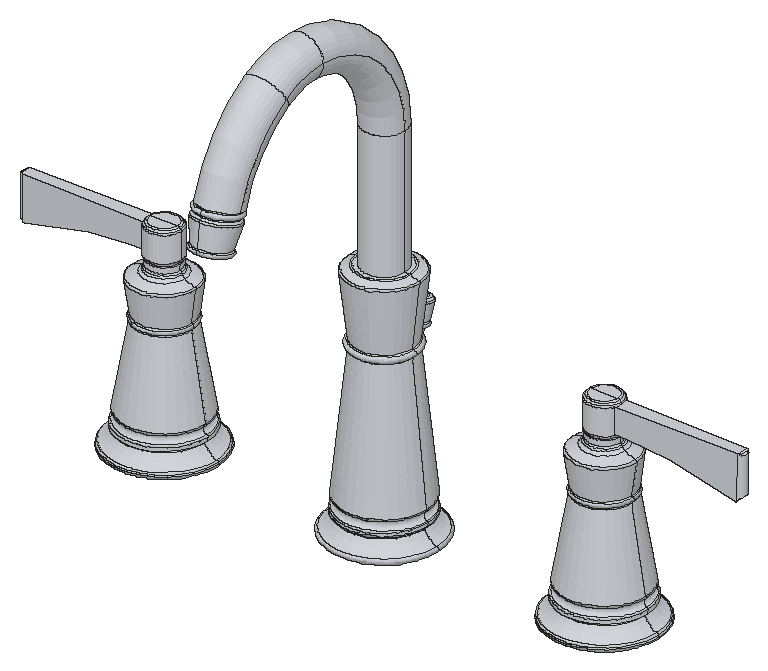
Revit family "Faucet-Lavatory-KOHLER-ARCHER-K-7503T", category Plumbing Fixtures, host Face, Revit 2017
Family settings
  Host = Face
  Round Connector Dimension = Use Diameter
  Part Type = Normal
  OmniClass Number = 23.31.11.00
  OmniClass Title = Faucets
  Cut with Voids When Loaded = No
  Shared = No
  Room Calculation Point = No
Parameters (values of type "CP- Polished chrome")
  Width [instance] = Faucet Hole Spacing  # 8"
  WaterSense Certified = 1 = 0  # no
  Waste Water Outlet = "Waste Water Outlet"  # constant formula
  Waste Connection = 1 = 0  # no
  Vent Connection = 1 = 0  # no
  URL = "http://www.kohler.com.cn/"
  Type = 1
  Spout Reach = Length  # 3 15/16"
  Product Page URL = "https://www.kohler.com.cn/en/product/K-7503T-4-CP/K-7503T-4-CP/"
  Product Name = "ARCHER"  # constant formula
  Product Documentation Link = "https://files.kohler.com.cn/pdfs/k_7502t_7503t.pdf"
  Pressure = 0.00 psi
  Model = if(Type = 1, "K-7503T-4-CP", if(Type = 2, "K-7503T-4-AF", "NA"))  # "K-7503T-4-CP"
  Material = "Metal construction"  # constant formula
  Master Format 2014 Name = "Residential Faucets, Supplies, and Trim"  # constant formula
  Master Format 2014 = "22 41 39"  # constant formula
  Manufacturer Address = "Kohler Beijing Office (100016)\n36-2-03-B, No. 88, Liuxiang Road, Beijing"  # constant formula
  Manufacturer = "KOHLER Co."  # constant formula
  Length = 3 15/16"  # constant formula
  Hot Water Inlet = "Hot Water Inlet"  # constant formula
  Height = 8 15/16"  # constant formula
  Handle Clearance = 2 75/128"  # constant formula
  HW Connection = 1 = 1  # yes
  Flow Rate = 0 GPM
  Finish = Kohler-Metal-CP-Polished_Chrome
  Faucet Hole Spacing [instance] = 8"
  Environmental Product Declaration = ""
  Drain Included = 1 = 1  # yes
  Description = "Widespread Lavatory Faucet"  # constant formula
  Default Elevation = 36"
  Declare Label = ""
  Date Modified = "09/18/2020"  # constant formula
  Date Created = "09/18/2020"  # constant formula
  Copyright = "Copyright KOHLER Co."  # constant formula
  Contact Us = "http://www.kohler.com.cn/contact/contact-us/"
  Cold Water Inlet = "Cold Water Inlet"  # constant formula
  CW Connection = 1 = 1  # yes
  Assembly Code = "D2010"
  ADA Compliant = 1 = 0  # no
Reference planes (in)
  plane 1 "Center (Front/Back)": y = 0
  plane 2: z = 0
  plane 3 "Center (Left/Right)": x = 0
  plane 4: x = -4
  plane 5: x = 4
  plane 6: y = 0.98425
  plane 7: y = -0.98425
  plane 8: x = -4.98425
  plane 9: x = -3.01575
  plane 10: x = -6.58594
  plane 11: x = 4.98425
  plane 12: x = 3.01575
  plane 13: x = 6.58594
  plane 14: z = 3.66142
  plane 15: x = -0.98425
  plane 16: x = 0.98425
  plane 17: z = 8.9375
  plane 18: y = -3.9375
  plane 19: through (0, -4.32364, 4.85812) normal (0, 0.9659, -0.2588)
  plane 20: z = 6.29921
  plane 21: through (0, 0.42103, 0) normal (0, 0.9925, -0.1219)
Dimensions and locks (in)
  equal spacing: plane 4, plane 3 "Center (Left/Right)", plane 5
  "Faucet Hole Spacing": plane 4 to plane 5
  equal spacing: plane 8, plane 4, plane 9, locked at 0.98425 each
  locked: plane 8 to plane 9 at 1.9685
  "Handle Clearance": plane 10 to plane 4
  equal spacing: plane 12, plane 5, plane 11, locked at 0.98425 each
  locked: plane 12 to plane 11 at 1.9685
  "Handle Clearance": plane 5 to plane 13
  locked: plane 7 to plane 6 at 1.9685
  equal spacing: plane 7, plane 1 "Center (Front/Back)", plane 6
  plane 14 to level = 3.66142"
  equal spacing: plane 15, plane 3 "Center (Left/Right)", plane 16, locked at 0.98425 each
  locked: plane 15 to plane 16 at 1.9685
  "Height": level to plane 17
  locked: level to plane 20 at 6.29921
  "Length": plane 1 "Center (Front/Back)" to plane 18
  angle plane 18 to plane 19 = 15.00°
  aligned and locked: plane 2 to host face
  aligned and locked: level to host face
  aligned and locked: plane 1 "Center (Front/Back)" to nested 1
  aligned and locked: plane 3 "Center (Left/Right)" to nested 1
  aligned and locked: plane 4 to nested 2
  aligned and locked: plane 1 "Center (Front/Back)" to nested 2
  aligned and locked: plane 6 to nested 2
  aligned and locked: plane 7 to nested 2
  aligned and locked: plane 7 to nested 3
  aligned and locked: plane 5 to nested 3
  aligned and locked: plane 8 to nested 2
  aligned and locked: nested 2 to plane 9
  aligned and locked: plane 10 to nested 2
  aligned and locked: plane 12 to nested 3
  aligned and locked: plane 11 to nested 3
  aligned and locked: plane 13 to nested 3
  aligned and locked: plane 14 to nested 2
  aligned and locked: plane 15 to nested 1
  aligned and locked: plane 16 to nested 1
  aligned and locked: plane 17 to nested 1
  aligned and locked: plane 18 to nested 1
  aligned and locked: plane 19 to nested 1
  aligned and locked: plane 20 to nested 1
  aligned and locked: plane 21 to nested 1
Automatic sketch dimensions
  host sketch curve to host sketch curve = 96"  (x2)
Nested families (in)
  nested 1: "K-7503T_Spout" at (0, -0.00049, 0.00049), type "K-7503T_Spout"
  nested 2: "K-7503T_Handle" at (-4, 0, 0), type "K-7503T_Handle"
  nested 3: "K-7503T_Handle" at (4, 0, 0) x (-1, 0, 0) z (0, 0, 1), type "K-7503T_Handle"
Connectors (in)
  piping at (-4, 0, 0), diameter 0.5, driven by "Flow Rate", driven by "HW Connection", driven by "Hot Water Inlet"
    settings: on nested 2, index 1, connector inside diameter 24", connector length 0", flow factor 0, pipe flow 0 GPM, pressure drop 0.00 psi, fitting loss kfactor 0, connector angle 0.00°, fixture units 0, engagement length 0", angle of deflection 0.00°, flow configuration 0, flow direction 1, fitting loss method 0, system type 19, joint type 0, gender type 0, connector reference index -1, connector utility 1, adjustable connector no, is connector primary yes, connector description "Hot Water Inlet"
  piping at (4, 0, 0), diameter 0.5, driven by "Flow Rate", driven by "CW Connection", driven by "Cold Water Inlet"
    settings: on nested 3, index 2, connector inside diameter 24", connector length 0", flow factor 0, pipe flow 0 GPM, pressure drop 0.00 psi, fitting loss kfactor 0, connector angle 0.00°, fixture units 0, engagement length 0", angle of deflection 0.00°, flow configuration 0, flow direction 1, fitting loss method 0, system type 20, joint type 0, gender type 0, connector reference index -1, connector utility 1, adjustable connector no, is connector primary no, connector description "Cold Water Inlet"
Definition of nested family "K-7503T_Spout"
  Parameters (values of type "K-7503X_Spout")
    Material = none
  Reference planes (in)
    plane 1 "Center (Front/Back)": y = 0
    plane 2: z = 0
    plane 3 "Center (Left/Right)": x = 0
    plane 4: y = 0.98425
    plane 5: x = -0.98425
    plane 6: x = 0.98425
    plane 7: y = -0.98425
    plane 8: z = 8.93701
    plane 9: y = -3.93701
    plane 10: z = 6.29921
    plane 11: through (0, -3.93701, 6.29921) normal (0, -0.9659, 0.2588)
    plane 12: through (0, 0.8447, 3.45056) normal (0, -0.9925, 0.1219)
  Forms (in)
    Revolve 1, solid, material <- "Material", detail levels medium+fine
      sketch origin (0, 0, 0) x (1, 0, 0) y (0, 0, 1)
        loop
          line (0, 0) -> (0.93332, 0)
          arc (0.93332, 0) -> (0.98318, 0.04047) -> (0.95384, 0.09759) r 0.05095
          arc (0.95384, 0.09759) -> (0.82599, 0.17919) -> (0.7288, 0.29563) r 0.49572
          arc (0.7288, 0.29563) -> (0.71773, 0.3064) -> (0.7028, 0.31033) r 0.03036
          line (0.7028, 0.31033) -> (0.66176, 0.31033)
          arc (0.66176, 0.31033) -> (0.64643, 0.31338) -> (0.63343, 0.32206) r 0.04006
          line (0.63343, 0.32206) -> (0.60612, 0.34937) -> (0.77034, 0.34937)
          arc (0.77034, 0.34937) -> (0.78424, 0.35513) -> (0.79, 0.36902) r 0.01965
          line (0.79, 0.36902) -> (0.79, 0.42056)
          arc (0.79, 0.42056) -> (0.78557, 0.43528) -> (0.77377, 0.44513) r 0.0267
          arc (0.77377, 0.44513) -> (0.71965, 0.52127) -> (0.76294, 0.60404) r 0.08937
          arc (0.76294, 0.60404) -> (0.77349, 0.61542) -> (0.77626, 0.63068) r 0.02767
          line (0.77626, 0.63068) -> (0.5244, 3.02697)
          arc (0.5244, 3.02697) -> (0.52847, 3.04158) -> (0.54143, 3.04946) r 0.02063
          arc (0.54143, 3.04946) -> (0.58375, 3.10026) -> (0.54022, 3.15003) r 0.05092
          arc (0.54022, 3.15003) -> (0.52711, 3.15771) -> (0.52304, 3.17235) r 0.02025
          line (0.52304, 3.17235) -> (0.64778, 4.26881)
          arc (0.64778, 4.26881) -> (0.64441, 4.28464) -> (0.6322, 4.29525) r 0.0255
          line (0.6322, 4.29525) -> (0.49079, 4.35384)
          arc (0.49079, 4.35384) -> (0.47471, 4.35872) -> (0.45799, 4.36037) r 0.08568
          line (0.45799, 4.36037) -> (0, 4.36037) -> (0, 0)
        axis (0, 4.36037) -> (0, 0)
      angle from 0 to 360
    Sweep 2, solid, material <- "Material"
      path origin (0, 0, 0) x (0, 1, 0) y (0, 0, 1)
        loop
          line (0.375, 4.36037) -> (0.375, 6.65789)
          arc (0.375, 6.65789) -> (-0.27467, 8.25163) -> (-1.85339, 8.93701) r 2.2797
          arc (-1.85339, 8.93701) -> (-2.3821, 8.87567) -> (-2.87409, 8.67258) r 1.93463
          arc (-2.87409, 8.67258) -> (-3.6454, 7.98743) -> (-4.09492, 7.05885) r 2.6378
      profile origin (0, 0.375, 5.50913) x (0, -1, 0) y (1, 0, 0)
        loop
          circle (0.375, 0) r 0.375
    Revolve 3, solid, material <- "Material", detail levels medium+fine
      sketch origin (0, 0, 0) x (0, 1, 0) y (0, 0, 1)
        loop
          line (-3.93701, 6.29921) -> (-3.75392, 6.98251) -> (-4.06355, 7.06547) -> (-4.07465, 7.02403) -> (-4.11701, 7.03538)
          arc (-4.11701, 7.03538) -> (-4.15966, 7.01321) -> (-4.14034, 6.9692) r 0.03516
          arc (-4.14034, 6.9692) -> (-4.12893, 6.95439) -> (-4.13557, 6.93691) r 0.01916
          line (-4.13557, 6.93691) -> (-4.1769, 6.90223)
          arc (-4.1769, 6.90223) -> (-4.18664, 6.89009) -> (-4.191, 6.87515) r 0.03989
          line (-4.191, 6.87515) -> (-4.22695, 6.46418)
          arc (-4.22695, 6.46418) -> (-4.23311, 6.44845) -> (-4.24681, 6.43855) r 0.02997
          arc (-4.24681, 6.43855) -> (-4.26666, 6.40926) -> (-4.24457, 6.38162) r 0.02982
          line (-4.24457, 6.38162) -> (-3.93701, 6.29921)
        axis (-3.93701, 6.29921) -> (-3.75392, 6.98251)
      angle from 0 to 360
    Revolve 4, solid, material <- "Material", detail levels medium+fine
      sketch origin (0, 0, 0) x (0, 1, 0) y (0, 0, 1)
        loop
          line (0.85056, 3.49822) -> (0.73119, 3.51287)
          arc (0.73119, 3.51287) -> (0.71566, 3.51172) -> (0.70177, 3.50471) r 0.03989
          line (0.70177, 3.50471) -> (0.66128, 3.47308)
          arc (0.66128, 3.47308) -> (0.65184, 3.46111) -> (0.64898, 3.44612) r 0.03213
          line (0.64898, 3.44612) -> (0.66466, 3.14021)
          arc (0.66466, 3.14021) -> (0.66178, 3.12382) -> (0.65205, 3.11033) r 0.03723
          arc (0.65205, 3.11033) -> (0.64125, 3.07213) -> (0.67169, 3.04665) r 0.03651
          line (0.67169, 3.04665) -> (0.72479, 3.04013) -> (0.51433, 1.32606) -> (0.58282, 1.31765) -> (0.85056, 3.49822)
        axis (0.85056, 3.49822) -> (0.58282, 1.31765)
      angle from 0 to 360
    Revolve 5, solid, material <- "Material", detail levels coarse
      sketch origin (0, 0, 0) x (0, 1, 0) y (0, 0, 1)
        loop
          line (0, 4.36037) -> (-0.64418, 4.36037) -> (-0.64418, 0.31438) -> (-0.98425, 0.31438) -> (-0.98425, 0) -> (-0.7874, 0) -> (0, 0) -> (0, 4.36037)
        axis (0, 4.36037) -> (0, 0)
      angle from 0 to 360
    Revolve 6, solid, material <- "Material", detail levels coarse
      sketch origin (0, 0, 0) x (0, 1, 0) y (0, 0, 1)
        loop
          line (0.85056, 3.49822) -> (0.65827, 3.52183) -> (0.60099, 3.05533) -> (0.70882, 3.04209) -> (0.4658, 1.06279) -> (0.55025, 1.05242) -> (0.85056, 3.49822)
        axis (0.85056, 3.49822) -> (0.55025, 1.05242)
      angle from 0 to 360
    Revolve 7, solid, material <- "Material", detail levels coarse
      sketch origin (0, 0, 0) x (0, 1, 0) y (0, 0, 1)
        loop
          line (-3.93701, 6.29921) -> (-3.75697, 6.97111) -> (-4.14395, 7.07158) -> (-4.32318, 6.40269) -> (-3.93701, 6.29921)
        axis (-3.75697, 6.97111) -> (-3.93701, 6.29921)
      angle from 0 to 360
  Cuts and joins
    joined: Revolve 1, Revolve 3, Revolve 4
    joined: Revolve 5, Revolve 6, Revolve 7
  Lines and regions (in)
    Masking region 1
      outline origin (0, 0, 0) x (1, 0, 0) y (0, 1, 0)
        loop
          arc (-0.1417, 0.974) -> (-0.97679, 0.12096) -> (-0.375, -0.91001) r 0.98425
          line (-0.375, -0.91001) -> (-0.375, -3.64046)
          arc (-0.375, -3.64046) -> (-0.39711, -3.72809) -> (-0.39725, -3.81847) r 0.36899
          arc (-0.39725, -3.81847) -> (-0.39194, -3.85593) -> (-0.38519, -3.89315) r 0.9716
          arc (-0.38519, -3.89315) -> (-0.37782, -3.921) -> (-0.36721, -3.94777) r 0.24267
          arc (-0.36721, -3.94777) -> (-0.35374, -3.97565) -> (-0.33952, -4.00316) r 1.14373
          arc (-0.33952, -4.00316) -> (-0.21571, -4.19413) -> (0, -4.26668) r 0.34554
          arc (0, -4.26668) -> (0.21571, -4.19413) -> (0.33952, -4.00316) r 0.34554
          arc (0.33952, -4.00316) -> (0.35374, -3.97565) -> (0.36721, -3.94777) r 1.14373
          arc (0.36721, -3.94777) -> (0.37782, -3.921) -> (0.38519, -3.89315) r 0.24267
          arc (0.38519, -3.89315) -> (0.39194, -3.85593) -> (0.39725, -3.81847) r 0.9716
          arc (0.39725, -3.81847) -> (0.39711, -3.72809) -> (0.375, -3.64046) r 0.36899
          line (0.375, -3.64046) -> (0.375, -0.91001)
          arc (0.375, -0.91001) -> (0.97679, 0.12096) -> (0.1417, 0.974) r 0.98425
          arc (0.1417, 0.974) -> (0, 1.0355) -> (-0.1417, 0.974) r 0.19398
    Masking region 2
      outline origin (0, 0, 0) x (1, 0, 0) y (0, 0, 1)
        loop
          line (0, 0) -> (0.93332, 0)
          arc (0.93332, 0) -> (0.98318, 0.04047) -> (0.95384, 0.09759) r 0.05095
          arc (0.95384, 0.09759) -> (0.82599, 0.17919) -> (0.7288, 0.29563) r 0.49572
          arc (0.7288, 0.29563) -> (0.71773, 0.3064) -> (0.7028, 0.31033) r 0.03036
          line (0.7028, 0.31033) -> (0.66176, 0.31033)
          arc (0.66176, 0.31033) -> (0.64643, 0.31338) -> (0.63343, 0.32206) r 0.04006
          line (0.63343, 0.32206) -> (0.60612, 0.34937) -> (0.77034, 0.34937)
          arc (0.77034, 0.34937) -> (0.78424, 0.35513) -> (0.79, 0.36902) r 0.01965
          line (0.79, 0.36902) -> (0.79, 0.42056)
          arc (0.79, 0.42056) -> (0.78557, 0.43528) -> (0.77377, 0.44513) r 0.0267
          arc (0.77377, 0.44513) -> (0.71965, 0.52127) -> (0.76294, 0.60404) r 0.08937
          arc (0.76294, 0.60404) -> (0.77349, 0.61542) -> (0.77626, 0.63068) r 0.02767
          line (0.77626, 0.63068) -> (0.5244, 3.02697)
          arc (0.5244, 3.02697) -> (0.52847, 3.04158) -> (0.54143, 3.04946) r 0.02063
          arc (0.54143, 3.04946) -> (0.58375, 3.10026) -> (0.54022, 3.15003) r 0.05092
          arc (0.54022, 3.15003) -> (0.52711, 3.15771) -> (0.52304, 3.17235) r 0.02025
          line (0.52304, 3.17235) -> (0.64778, 4.26881)
          arc (0.64778, 4.26881) -> (0.64441, 4.28464) -> (0.6322, 4.29525) r 0.0255
          line (0.6322, 4.29525) -> (0.49079, 4.35384)
          arc (0.49079, 4.35384) -> (0.47471, 4.35872) -> (0.45799, 4.36037) r 0.08568
          line (0.45799, 4.36037) -> (0.375, 4.36037) -> (0.375, 6.66434) -> (0.39396, 6.76825)
          arc (0.39396, 6.76825) -> (0.39163, 6.80071) -> (0.375, 6.8287) r 0.07071
          line (0.375, 6.8287) -> (0.375, 6.86167)
          arc (0.375, 6.86167) -> (0.39, 6.87477) -> (0.39833, 6.89285) r 0.04765
          arc (0.39833, 6.89285) -> (0.39614, 6.9289) -> (0.375, 6.95819) r 0.06485
          line (0.375, 6.95819) -> (0.375, 8.56201)
          arc (0.375, 8.56201) -> (0, 8.93701) -> (-0.375, 8.56201) r 0.375
          line (-0.375, 8.56201) -> (-0.375, 6.95819)
          arc (-0.375, 6.95819) -> (-0.39614, 6.9289) -> (-0.39833, 6.89285) r 0.06485
          arc (-0.39833, 6.89285) -> (-0.39, 6.87477) -> (-0.375, 6.86167) r 0.04765
          line (-0.375, 6.86167) -> (-0.375, 6.8287)
          arc (-0.375, 6.8287) -> (-0.39163, 6.80071) -> (-0.39396, 6.76825) r 0.07071
          line (-0.39396, 6.76825) -> (-0.375, 6.66434) -> (-0.375, 4.36037) -> (-0.45799, 4.36037)
          arc (-0.45799, 4.36037) -> (-0.47471, 4.35872) -> (-0.49079, 4.35384) r 0.08568
          line (-0.49079, 4.35384) -> (-0.6322, 4.29525)
          arc (-0.6322, 4.29525) -> (-0.64441, 4.28464) -> (-0.64778, 4.26881) r 0.0255
          line (-0.64778, 4.26881) -> (-0.52304, 3.17235)
          arc (-0.52304, 3.17235) -> (-0.52711, 3.15771) -> (-0.54022, 3.15003) r 0.02025
          arc (-0.54022, 3.15003) -> (-0.58375, 3.10026) -> (-0.54143, 3.04946) r 0.05092
          arc (-0.54143, 3.04946) -> (-0.52847, 3.04158) -> (-0.5244, 3.02697) r 0.02063
          line (-0.5244, 3.02697) -> (-0.77626, 0.63068)
          arc (-0.77626, 0.63068) -> (-0.77349, 0.61542) -> (-0.76294, 0.60404) r 0.02767
          arc (-0.76294, 0.60404) -> (-0.71965, 0.52127) -> (-0.77377, 0.44513) r 0.08937
          arc (-0.77377, 0.44513) -> (-0.78557, 0.43528) -> (-0.79, 0.42056) r 0.0267
          line (-0.79, 0.42056) -> (-0.79, 0.36902)
          arc (-0.79, 0.36902) -> (-0.78424, 0.35513) -> (-0.77034, 0.34937) r 0.01965
          line (-0.77034, 0.34937) -> (-0.60612, 0.34937) -> (-0.63343, 0.32206)
          arc (-0.63343, 0.32206) -> (-0.64643, 0.31338) -> (-0.66176, 0.31033) r 0.04006
          line (-0.66176, 0.31033) -> (-0.7028, 0.31033)
          arc (-0.7028, 0.31033) -> (-0.71773, 0.3064) -> (-0.7288, 0.29563) r 0.03036
          arc (-0.7288, 0.29563) -> (-0.82599, 0.17919) -> (-0.95384, 0.09759) r 0.49572
          arc (-0.95384, 0.09759) -> (-0.98318, 0.04047) -> (-0.93332, 0) r 0.05095
          line (-0.93332, 0) -> (0, 0)
    Masking region 3
      outline origin (0, 0, 0) x (0, 1, 0) y (0, 0, 1)
        loop
          line (0, 0) -> (0.93332, 0)
          arc (0.93332, 0) -> (0.98318, 0.04047) -> (0.95384, 0.09759) r 0.05095
          arc (0.95384, 0.09759) -> (0.82599, 0.17919) -> (0.7288, 0.29563) r 0.49572
          arc (0.7288, 0.29563) -> (0.71773, 0.3064) -> (0.7028, 0.31033) r 0.03036
          line (0.7028, 0.31033) -> (0.66176, 0.31033)
          arc (0.66176, 0.31033) -> (0.64643, 0.31338) -> (0.63343, 0.32206) r 0.04006
          line (0.63343, 0.32206) -> (0.60612, 0.34937) -> (0.77034, 0.34937)
          arc (0.77034, 0.34937) -> (0.78424, 0.35513) -> (0.79, 0.36902) r 0.01965
          line (0.79, 0.36902) -> (0.79, 0.42056)
          arc (0.79, 0.42056) -> (0.78557, 0.43528) -> (0.77377, 0.44513) r 0.0267
          arc (0.77377, 0.44513) -> (0.71965, 0.52127) -> (0.76294, 0.60404) r 0.08937
          arc (0.76294, 0.60404) -> (0.77349, 0.61542) -> (0.77626, 0.63068) r 0.02767
          line (0.77626, 0.63068) -> (0.6802, 1.54461) -> (0.86176, 3.02331) -> (0.91486, 3.01679)
          arc (0.91486, 3.01679) -> (0.95057, 3.03415) -> (0.94933, 3.07383) r 0.03651
          arc (0.94933, 3.07383) -> (0.94315, 3.08927) -> (0.94432, 3.10587) r 0.03723
          line (0.94432, 3.10587) -> (1.03354, 3.3989)
          arc (1.03354, 3.3989) -> (1.0344, 3.41413) -> (1.02813, 3.42804) r 0.03213
          line (1.02813, 3.42804) -> (0.9965, 3.46853)
          arc (0.9965, 3.46853) -> (0.98471, 3.47868) -> (0.96993, 3.48356) r 0.03989
          line (0.96993, 3.48356) -> (0.85056, 3.49822) -> (0.73119, 3.51287)
          arc (0.73119, 3.51287) -> (0.71566, 3.51172) -> (0.70177, 3.50471) r 0.03989
          line (0.70177, 3.50471) -> (0.66128, 3.47308)
          arc (0.66128, 3.47308) -> (0.65184, 3.46111) -> (0.64898, 3.44612) r 0.03213
          line (0.64898, 3.44612) -> (0.66466, 3.14021)
          arc (0.66466, 3.14021) -> (0.66178, 3.12382) -> (0.65205, 3.11033) r 0.03723
          arc (0.65205, 3.11033) -> (0.64125, 3.07213) -> (0.67169, 3.04665) r 0.03651
          line (0.67169, 3.04665) -> (0.72479, 3.04013) -> (0.61608, 2.15471) -> (0.5244, 3.02697)
          arc (0.5244, 3.02697) -> (0.52847, 3.04158) -> (0.54143, 3.04946) r 0.02063
          arc (0.54143, 3.04946) -> (0.58375, 3.10026) -> (0.54022, 3.15003) r 0.05092
          arc (0.54022, 3.15003) -> (0.52711, 3.15771) -> (0.52304, 3.17235) r 0.02025
          line (0.52304, 3.17235) -> (0.64778, 4.26881)
          arc (0.64778, 4.26881) -> (0.64441, 4.28464) -> (0.6322, 4.29525) r 0.0255
          line (0.6322, 4.29525) -> (0.49079, 4.35384)
          arc (0.49079, 4.35384) -> (0.47471, 4.35872) -> (0.45799, 4.36037) r 0.08568
          line (0.45799, 4.36037) -> (0.375, 4.36037) -> (0.375, 6.65789)
          arc (0.375, 6.65789) -> (-0.27467, 8.25163) -> (-1.85339, 8.93701) r 2.2797
          arc (-1.85339, 8.93701) -> (-2.3821, 8.87567) -> (-2.87409, 8.67258) r 1.93463
          arc (-2.87409, 8.67258) -> (-3.6454, 7.98743) -> (-4.09492, 7.05885) r 2.6378
          line (-4.09492, 7.05885) -> (-4.05119, 7.04749) -> (-4.07465, 7.02403) -> (-4.11701, 7.03538)
          arc (-4.11701, 7.03538) -> (-4.15966, 7.01321) -> (-4.14034, 6.9692) r 0.03516
          arc (-4.14034, 6.9692) -> (-4.12893, 6.95439) -> (-4.13557, 6.93691) r 0.01916
          line (-4.13557, 6.93691) -> (-4.1769, 6.90223)
          arc (-4.1769, 6.90223) -> (-4.18664, 6.89009) -> (-4.191, 6.87515) r 0.03989
          line (-4.191, 6.87515) -> (-4.22695, 6.46418)
          arc (-4.22695, 6.46418) -> (-4.23311, 6.44845) -> (-4.24681, 6.43855) r 0.02997
          arc (-4.24681, 6.43855) -> (-4.26666, 6.40926) -> (-4.24457, 6.38162) r 0.02982
          line (-4.24457, 6.38162) -> (-3.93701, 6.29921) -> (-3.62944, 6.2168)
          arc (-3.62944, 6.2168) -> (-3.5965, 6.2297) -> (-3.59905, 6.26498) r 0.02982
          arc (-3.59905, 6.26498) -> (-3.60596, 6.2804) -> (-3.60342, 6.29711) r 0.02997
          line (-3.60342, 6.29711) -> (-3.42908, 6.67099)
          arc (-3.42908, 6.67099) -> (-3.42538, 6.68611) -> (-3.42775, 6.7015) r 0.03989
          line (-3.42775, 6.7015) -> (-3.4462, 6.75219)
          arc (-3.4462, 6.75219) -> (-3.44321, 6.77065) -> (-3.42592, 6.77777) r 0.01916
          arc (-3.42592, 6.77777) -> (-3.38718, 6.80623) -> (-3.41304, 6.84675) r 0.03516
          line (-3.41304, 6.84675) -> (-3.45539, 6.8581) -> (-3.46561, 6.89624) -> (-3.36919, 6.8696)
          arc (-3.36919, 6.8696) -> (-3.04752, 7.53462) -> (-2.49528, 8.02528) r 1.8878
          arc (-2.49528, 8.02528) -> (-2.19402, 8.14964) -> (-1.87027, 8.1872) r 1.18463
          arc (-1.87027, 8.1872) -> (-0.81127, 7.72764) -> (-0.375, 6.65884) r 1.5297
          line (-0.375, 6.65884) -> (-0.375, 4.36037) -> (-0.45799, 4.36037)
          arc (-0.45799, 4.36037) -> (-0.47471, 4.35872) -> (-0.49079, 4.35384) r 0.08568
          line (-0.49079, 4.35384) -> (-0.6322, 4.29525)
          arc (-0.6322, 4.29525) -> (-0.64441, 4.28464) -> (-0.64778, 4.26881) r 0.0255
          line (-0.64778, 4.26881) -> (-0.52304, 3.17235)
          arc (-0.52304, 3.17235) -> (-0.52711, 3.15771) -> (-0.54022, 3.15003) r 0.02025
          arc (-0.54022, 3.15003) -> (-0.58375, 3.10026) -> (-0.54143, 3.04946) r 0.05092
          arc (-0.54143, 3.04946) -> (-0.52847, 3.04158) -> (-0.5244, 3.02697) r 0.02063
          line (-0.5244, 3.02697) -> (-0.77626, 0.63068)
          arc (-0.77626, 0.63068) -> (-0.77349, 0.61542) -> (-0.76294, 0.60404) r 0.02767
          arc (-0.76294, 0.60404) -> (-0.71965, 0.52127) -> (-0.77377, 0.44513) r 0.08937
          arc (-0.77377, 0.44513) -> (-0.78557, 0.43528) -> (-0.79, 0.42056) r 0.0267
          line (-0.79, 0.42056) -> (-0.79, 0.36902)
          arc (-0.79, 0.36902) -> (-0.78424, 0.35513) -> (-0.77034, 0.34937) r 0.01965
          line (-0.77034, 0.34937) -> (-0.60612, 0.34937) -> (-0.63343, 0.32206)
          arc (-0.63343, 0.32206) -> (-0.64643, 0.31338) -> (-0.66176, 0.31033) r 0.04006
          line (-0.66176, 0.31033) -> (-0.7028, 0.31033)
          arc (-0.7028, 0.31033) -> (-0.71773, 0.3064) -> (-0.7288, 0.29563) r 0.03036
          arc (-0.7288, 0.29563) -> (-0.82599, 0.17919) -> (-0.95384, 0.09759) r 0.49572
          arc (-0.95384, 0.09759) -> (-0.98318, 0.04047) -> (-0.93332, 0) r 0.05095
          line (-0.93332, 0) -> (0, 0)
    symbolic lines, detail levels medium+fine
      curve 1: arc (-0.375, 0, 0) -> (0, 0.375, 0) -> (0.375, 0, 0) r 0.375
      curve 2: arc (0.375, -0.52844, 0) -> (0, 0.64798, 0) -> (-0.375, -0.52844, 0) r 0.64798
      curve 3: arc (0.375, -0.68, 0) -> (0.76895, 0.10831, 0) -> (0.17257, 0.75712, 0) r 0.77654
      curve 4: arc (0.375, -0.69533, 0) -> (0.78295, 0.10533, 0) -> (0.17792, 0.76971, 0) r 0.79
      curve 5: arc (-0.11016, 0.68491, 0) -> (-0.0803, 0.66099, 0) -> (-0.04492, 0.64642, 0) r 0.13488
      curve 6: line (-0.375, 0, 0) -> (-0.375, -0.94545, 0)
      curve 7: line (0.375, 0, 0) -> (0.375, -0.94545, 0)
      curve 8: arc (0, -4.09492, 0) -> (-0.26217, -3.99058, 0) -> (-0.375, -3.73195, 0) r 0.3708
      curve 9: line (-0.375, -3.73195, 0) -> (-0.375, -3.62924, 0)
      curve 10: spline (-0.35497, -3.84462, 0) -> (-0.34354, -3.8824, 0) -> (-0.32783, -3.91872, 0) -> (-0.30801, -3.95312, 0) -> (-0.28434, -3.98516, 0) -> (-0.25712, -4.01445, 0) -> (-0.22667, -4.04062, 0) -> (-0.1934, -4.06335, 0) -> (-0.1577, -4.08234, 0) -> (-0.12004, -4.09737, 0) -> (-0.08087, -4.10823, 0) -> (-0.04069, -4.11481, 0) -> (0, -4.11701, 0)
      curve 11: arc (0, -4.16166, 0) -> (-0.24341, -4.08116, 0) -> (-0.38933, -3.87035, 0) r 0.40389
      curve 12: arc (-0.33952, -4.00316, 0) -> (-0.19612, -4.14481, 0) -> (0, -4.19136, 0) r 0.37366
      curve 13: arc (0, -4.09492, 0) -> (0.26217, -3.99058, 0) -> (0.375, -3.73195, 0) r 0.3708
      curve 14: line (0.375, -3.73195, 0) -> (0.375, -3.62924, 0)
      curve 15: spline (0.35497, -3.84462, 0) -> (0.34354, -3.8824, 0) -> (0.32783, -3.91872, 0) -> (0.30801, -3.95312, 0) -> (0.28434, -3.98516, 0) -> (0.25712, -4.01445, 0) -> (0.22667, -4.04062, 0) -> (0.1934, -4.06335, 0) -> (0.1577, -4.08234, 0) -> (0.12004, -4.09737, 0) -> (0.08087, -4.10823, 0) -> (0.04069, -4.11481, 0) -> (0, -4.11701, 0)
      curve 16: arc (0, -4.16166, 0) -> (0.24341, -4.08116, 0) -> (0.38933, -3.87035, 0) r 0.40389
      curve 17: arc (0.33952, -4.00316, 0) -> (0.19612, -4.14481, 0) -> (0, -4.19136, 0) r 0.37366
      curve 18: arc (-0.17826, 0.76963, 0) -> (-0.78298, 0.10515, 0) -> (-0.375, -0.69533, 0) r 0.79
      curve 19: arc (-0.17257, 0.75712, 0) -> (-0.76895, 0.10831, 0) -> (-0.375, -0.68, 0) r 0.77654
      curve 20: arc (-0.1417, 0.974, 0) -> (0, 0.65034, 0) -> (0.1417, 0.974, 0) r 0.19284
      curve 21: arc (0.11016, 0.68491, 0) -> (0.07893, 0.66019, 0) -> (0.04185, 0.64568, 0) r 0.13488
      curve 22: line (-0.97356, 0, 0.02023) -> (0.0107, 0, 0.02023)
      curve 23: line (-0.98122, 0, 0.06726) -> (0, 0, 0.06726)
      curve 24: line (-0.95384, 0, 0.09759) -> (0, 0, 0.09759)
      curve 25: line (-0.7288, 0, 0.29563) -> (0, 0, 0.29563)
      curve 26: line (-0.66176, 0, 0.31033) -> (0, 0, 0.31033)
      curve 27: line (-0.60612, 0, 0.34937) -> (0, 0, 0.34937)
      curve 28: line (-0.79, 0, 0.36902) -> (0, 0, 0.36902)
      curve 29: line (-0.79, 0, 0.42056) -> (0, 0, 0.42056)
      curve 30: line (-0.77377, 0, 0.44513) -> (0, 0, 0.44513)
      curve 31: line (-0.76294, 0, 0.60404) -> (0, 0, 0.60404)
      curve 32: line (-0.77626, 0, 0.63068) -> (0, 0, 0.63068)
      curve 33: line (-0.54143, 0, 3.04946) -> (0, 0, 3.04946)
      curve 34: line (-0.5244, 0, 3.02697) -> (0, 0, 3.02697)
      curve 35: line (-0.54022, 0, 3.15003) -> (0, 0, 3.15003)
      curve 36: line (-0.52304, 0, 3.17235) -> (0, 0, 3.17235)
      curve 37: line (-0.6322, 0, 4.29525) -> (0, 0, 4.29525)
      curve 38: line (-0.64778, 0, 4.26881) -> (0, 0, 4.26881)
      curve 39: line (-0.375, 0, 4.36037) -> (0, 0, 4.36037)
      curve 40: line (0.97356, 0, 0.02023) -> (0.0107, 0, 0.02023)
      curve 41: line (0.98122, 0, 0.06726) -> (0, 0, 0.06726)
      curve 42: line (0.95384, 0, 0.09759) -> (0, 0, 0.09759)
      curve 43: line (0.7288, 0, 0.29563) -> (0, 0, 0.29563)
      curve 44: line (0.66176, 0, 0.31033) -> (0, 0, 0.31033)
      curve 45: line (0.60612, 0, 0.34937) -> (0, 0, 0.34937)
      curve 46: line (0.79, 0, 0.36902) -> (0, 0, 0.36902)
      curve 47: line (0.79, 0, 0.42056) -> (0, 0, 0.42056)
      curve 48: line (0.77377, 0, 0.44513) -> (0, 0, 0.44513)
      curve 49: line (0.76294, 0, 0.60404) -> (0, 0, 0.60404)
      curve 50: line (0.77626, 0, 0.63068) -> (0, 0, 0.63068)
      curve 51: line (0.54143, 0, 3.04946) -> (0, 0, 3.04946)
      curve 52: line (0.5244, 0, 3.02697) -> (0, 0, 3.02697)
      curve 53: line (0.54022, 0, 3.15003) -> (0, 0, 3.15003)
      curve 54: line (0.52304, 0, 3.17235) -> (0, 0, 3.17235)
      curve 55: line (0.6322, 0, 4.29525) -> (0, 0, 4.29525)
      curve 56: line (0.64778, 0, 4.26881) -> (0, 0, 4.26881)
      curve 57: line (0.375, 0, 4.36037) -> (0, 0, 4.36037)
      curve 58: spline (0.37428, 0, 6.95876) -> (0.36676, 0, 6.98426) -> (0.33224, 0, 7.00831) -> (0.27327, 0, 7.02914) -> (0.19418, 0, 7.04523) -> (0.1008, 0, 7.05538) -> (0, 0, 7.05885) -> (-0.1008, 0, 7.05538) -> (-0.19418, 0, 7.04523) -> (-0.27327, 0, 7.02914) -> (-0.33224, 0, 7.00831) -> (-0.36676, 0, 6.98426) -> (-0.37428, 0, 6.95876)
      curve 59: arc (-0.37428, 0, 6.95876) -> (-0.3274, 0, 6.9873) -> (-0.27559, 0, 7.00542) r 0.26126
      curve 60: arc (-0.27559, 0, 7.00542) -> (-0.21786, 0, 7.0177) -> (-0.15966, 0, 7.02749) r 1.37307
      curve 61: arc (-0.15966, 0, 7.02749) -> (-0.08003, 0, 7.03559) -> (0, 0, 7.03669) r 0.91318
      curve 62: arc (-0.37428, 0, 6.95876) -> (-0.38354, 0, 6.95016) -> (-0.39098, 0, 6.93994) r 0.0653
      curve 63: arc (-0.375, 0, 6.86167) -> (-0.19173, 0, 6.91869) -> (0, 0, 6.92779) r 0.75705
      curve 64: arc (-0.375, 0, 6.8287) -> (-0.19071, 0, 6.87905) -> (0, 0, 6.89055) r 0.92676
      curve 65: arc (-0.39833, 0, 6.89285) -> (-0.20462, 0, 6.96193) -> (0, 0, 6.98251) r 0.85081
      curve 66: line (-0.37754, 0, 6.67825) -> (-0.32252, 0, 6.37746)
      curve 67: arc (-0.32252, 0, 6.37746) -> (-0.34744, 0, 6.33654) -> (-0.33318, 0, 6.29079) r 0.05817
      curve 68: arc (-0.33318, 0, 6.29079) -> (-0.30469, 0, 6.26696) -> (-0.27048, 0, 6.25245) r 0.12622
      curve 69: arc (-0.27048, 0, 6.25245) -> (-0.20331, 0, 6.23661) -> (-0.13551, 0, 6.22371) r 1.57835
      curve 70: arc (-0.13551, 0, 6.22371) -> (-0.06797, 0, 6.2161) -> (0, 0, 6.21579) r 0.63194
      curve 71: arc (-0.27692, 0, 6.39757) -> (-0.30065, 0, 6.38962) -> (-0.32252, 0, 6.37746) r 0.13599
      curve 72: arc (0, 0, 6.42967) -> (-0.13939, 0, 6.42163) -> (-0.27692, 0, 6.39757) r 1.20787
      curve 73: line (0.37754, 0, 6.67825) -> (0.32252, 0, 6.37746)
      curve 74: arc (0.32252, 0, 6.37746) -> (0.34744, 0, 6.33654) -> (0.33318, 0, 6.29079) r 0.05817
      curve 75: arc (0.33318, 0, 6.29079) -> (0.30469, 0, 6.26696) -> (0.27048, 0, 6.25245) r 0.12622
      curve 76: arc (0.27048, 0, 6.25245) -> (0.20331, 0, 6.23661) -> (0.13551, 0, 6.22371) r 1.57835
      curve 77: arc (0.13551, 0, 6.22371) -> (0.06797, 0, 6.2161) -> (0, 0, 6.21579) r 0.63194
      curve 78: arc (0.27692, 0, 6.39757) -> (0.30065, 0, 6.38962) -> (0.32252, 0, 6.37746) r 0.13599
      curve 79: arc (0, 0, 6.42967) -> (0.13939, 0, 6.42163) -> (0.27692, 0, 6.39757) r 1.20787
      curve 80: spline (-0.28259, 0, 6.29921) -> (-0.27296, 0, 6.31667) -> (-0.24473, 0, 6.33293) -> (-0.19982, 0, 6.3469) -> (-0.14129, 0, 6.35762) -> (-0.07314, 0, 6.36436) -> (0, 0, 6.36666) -> (0.07314, 0, 6.36436) -> (0.14129, 0, 6.35762) -> (0.19982, 0, 6.3469) -> (0.24473, 0, 6.33293) -> (0.27296, 0, 6.31667) -> (0.28259, 0, 6.29921) -> (0.27296, 0, 6.28176) -> (0.24473, 0, 6.26549) -> (0.19982, 0, 6.25152) -> (0.14129, 0, 6.2408) -> (0.07314, 0, 6.23407) -> (0, 0, 6.23177) -> (-0.07314, 0, 6.23407) -> (-0.14129, 0, 6.2408) -> (-0.19982, 0, 6.25152) -> (-0.24473, 0, 6.26549) -> (-0.27296, 0, 6.28176) -> (-0.28259, 0, 6.29921)
      curve 81: spline (0, 0, 6.3836) -> (0.08374, 0, 6.38072) -> (0.16177, 0, 6.37229) -> (0.22877, 0, 6.35888) -> (0.28019, 0, 6.3414) -> (0.31251, 0, 6.32105) -> (0.32353, 0, 6.29921) -> (0.31251, 0, 6.27737) -> (0.28019, 0, 6.25702) -> (0.22877, 0, 6.23954) -> (0.16177, 0, 6.22613) -> (0.08374, 0, 6.2177) -> (0, 0, 6.21483) -> (-0.08374, 0, 6.2177) -> (-0.16177, 0, 6.22613) -> (-0.22877, 0, 6.23954) -> (-0.28019, 0, 6.25702) -> (-0.31251, 0, 6.27737) -> (-0.32353, 0, 6.29921) -> (-0.31251, 0, 6.32105) -> (-0.28019, 0, 6.3414) -> (-0.22877, 0, 6.35888) -> (-0.16177, 0, 6.37229) -> (-0.08374, 0, 6.38072) -> (0, 0, 6.3836)
      curve 82: arc (-0.32433, 0, 6.38733) -> (-0.25061, 0, 6.41865) -> (-0.17215, 0, 6.43475) r 0.40242
      curve 83: arc (-0.17215, 0, 6.43475) -> (-0.08619, 0, 6.44161) -> (0, 0, 6.44448) r 1.86103
      curve 84: arc (0.32433, 0, 6.38733) -> (0.25061, 0, 6.41865) -> (0.17215, 0, 6.43475) r 0.40242
      curve 85: arc (0.17215, 0, 6.43475) -> (0.08619, 0, 6.44161) -> (0, 0, 6.44448) r 1.86103
      curve 86: arc (0.37428, 0, 6.95876) -> (0.3274, 0, 6.9873) -> (0.27559, 0, 7.00542) r 0.26126
      curve 87: arc (0.27559, 0, 7.00542) -> (0.21786, 0, 7.0177) -> (0.15966, 0, 7.02749) r 1.37307
      curve 88: arc (0.15966, 0, 7.02749) -> (0.08003, 0, 7.03559) -> (0, 0, 7.03669) r 0.91318
      curve 89: arc (0.37428, 0, 6.95876) -> (0.38354, 0, 6.95016) -> (0.39098, 0, 6.93994) r 0.0653
      curve 90: arc (0.375, 0, 6.86167) -> (0.19173, 0, 6.91869) -> (0, 0, 6.92779) r 0.75705
      curve 91: arc (0.375, 0, 6.8287) -> (0.19071, 0, 6.87905) -> (0, 0, 6.89055) r 0.92676
      curve 92: arc (0.39833, 0, 6.89285) -> (0.20462, 0, 6.96193) -> (0, 0, 6.98251) r 0.85081
      curve 93: arc (-0.39487, 0, 6.77955) -> (-0.28413, 0, 6.8031) -> (-0.17222, 0, 6.82028) r 1.97729
      curve 94: arc (-0.17222, 0, 6.82028) -> (-0.08627, 0, 6.82862) -> (0, 0, 6.83232) r 1.60458
      curve 95: arc (0.39487, 0, 6.77955) -> (0.28413, 0, 6.8031) -> (0.17222, 0, 6.82028) r 1.97729
      curve 96: arc (0.17222, 0, 6.82028) -> (0.08627, 0, 6.82862) -> (0, 0, 6.83232) r 1.60458
      curve 97: line (0, 0.61608, 2.15471) -> (0, 0.68468, 1.502)
      curve 98: line (0, 0.72479, 3.04013) -> (0, 0.86176, 3.02331)
      curve 99: line (0, 0.67169, 3.04665) -> (0, 0.91486, 3.01679)
      curve 100: line (0, 0.94933, 3.07383) -> (0, 0.65205, 3.11033)
      curve 101: line (0, 0.94432, 3.10587) -> (0, 0.66466, 3.14021)
      curve 102: line (0, 0.9965, 3.46853) -> (0, 0.70177, 3.50471)
      curve 103: line (0, 1.02813, 3.42804) -> (0, 0.66128, 3.47308)
      curve 104: line (0, 1.03354, 3.3989) -> (0, 0.64898, 3.44612)
      curve 105: line (0, 0.9722, 0.01863) -> (0, -0.00103, 0.01863)
      curve 106: line (0, 0.95384, 0.09759) -> (0, 0, 0.09759)
      curve 107: line (0, 0.97355, 0.08222) -> (0, 0, 0.08222)
      curve 108: line (0, 0.66176, 0.31033) -> (0, 0.00028, 0.31033)
      curve 109: line (0, 0.7288, 0.29563) -> (0, -0.00496, 0.29563)
      curve 110: line (0, 0.60612, 0.34937) -> (0, -0.01095, 0.34937)
      curve 111: line (0, 0.79, 0.36902) -> (0, -0.01095, 0.36902)
      curve 112: line (0, 0.79, 0.42056) -> (0, 0.00178, 0.42056)
      curve 113: line (0, 0.77377, 0.44513) -> (0, 0.00552, 0.44513)
      curve 114: line (0, 0.76294, 0.60404) -> (0, 0.00103, 0.60404)
      curve 115: line (0, 0.77626, 0.63068) -> (0, 0.00341, 0.63068)
      curve 116: line (0, 0.5244, 3.02697) -> (0, 0.00963, 3.02697)
      curve 117: line (0, 0.54143, 3.04946) -> (0, 0.00661, 3.04946)
      curve 118: line (0, 0.54022, 3.15003) -> (0, -0.00145, 3.15003)
      curve 119: line (0, 0.52304, 3.17235) -> (0, -0.00749, 3.17235)
      curve 120: line (0, 0.375, 4.36037) -> (0, -0.00936, 4.36037)
      curve 121: line (0, 0.6322, 4.29525) -> (0, 0.00487, 4.29525)
      curve 122: line (0, 0.64778, 4.26881) -> (0, 0.00337, 4.26881)
      curve 123: line (0, -3.46561, 6.89624) -> (0, -4.06764, 7.05254)
      curve 124: line (0, -4.07465, 7.02403) -> (0, -3.45539, 6.8581)
      curve 125: line (0, -3.42592, 6.77777) -> (0, -4.14034, 6.9692)
      curve 126: line (0, -3.4462, 6.75219) -> (0, -4.13557, 6.93691)
      curve 127: line (0, -3.42775, 6.7015) -> (0, -4.1769, 6.90223)
      curve 128: line (0, -3.42908, 6.67099) -> (0, -4.191, 6.87515)
      curve 129: line (0, -3.59905, 6.26498) -> (0, -4.24681, 6.43855)
      curve 130: line (0, -3.60342, 6.29711) -> (0, -4.22695, 6.46418)
      curve 131: line (0, -0.9722, 0.01863) -> (0, -0.00103, 0.01863)
      curve 132: line (0, -0.95384, 0.09759) -> (0, 0, 0.09759)
      curve 133: line (0, -0.97355, 0.08222) -> (0, 0, 0.08222)
      curve 134: line (0, -0.66176, 0.31033) -> (0, 0.00028, 0.31033)
      curve 135: line (0, -0.7288, 0.29563) -> (0, -0.00496, 0.29563)
      curve 136: line (0, -0.60612, 0.34937) -> (0, -0.01095, 0.34937)
      curve 137: line (0, -0.79, 0.36902) -> (0, -0.01095, 0.36902)
      curve 138: line (0, -0.79, 0.42056) -> (0, 0.00178, 0.42056)
      curve 139: line (0, -0.77377, 0.44513) -> (0, 0.00552, 0.44513)
      curve 140: line (0, -0.76294, 0.60404) -> (0, 0.00103, 0.60404)
      curve 141: line (0, -0.77626, 0.63068) -> (0, 0.00341, 0.63068)
      curve 142: line (0, -0.5244, 3.02697) -> (0, 0.00963, 3.02697)
      curve 143: line (0, -0.54143, 3.04946) -> (0, 0.00661, 3.04946)
      curve 144: line (0, -0.54022, 3.15003) -> (0, -0.00145, 3.15003)
      curve 145: line (0, -0.52304, 3.17235) -> (0, -0.00749, 3.17235)
      curve 146: line (0, -0.375, 4.36037) -> (0, -0.00936, 4.36037)
      curve 147: line (0, -0.6322, 4.29525) -> (0, 0.00487, 4.29525)
      curve 148: line (0, -0.64778, 4.26881) -> (0, 0.00337, 4.26881)
  Dimensions and locks (in)
    plane 8 to level = 8.93701"
    plane 10 to level = 6.29921"
    angle plane 9 to plane 11 = 15.00°
    aligned and locked: plane 2 to level
Definition of nested family "K-7503T_Handle"
  Parameters (values of type "K-7503X_Handle")
    Material = none
  Reference planes (in)
    plane 1 "Center (Front/Back)": y = 0
    plane 2: z = 0
    plane 3 "Center (Left/Right)": x = 0
    plane 4: x = -2.58661
    plane 5: z = 3.66142
    plane 6: x = -0.98425
    plane 7: x = 0.98425
    plane 8: y = 0.98425
    plane 9: y = -0.98425
  Forms (in)
    Revolve 1, solid, material <- "Material", detail levels medium+fine
      sketch origin (0, 0, 0) x (1, 0, 0) y (0, 0, 1)
        loop
          line (0, 0) -> (0.95436, 0)
          arc (0.95436, 0) -> (0.97761, 0.01109) -> (0.98363, 0.03614) r 0.02992
          line (0.98363, 0.03614) -> (0.97718, 0.06652)
          arc (0.97718, 0.06652) -> (0.96882, 0.08386) -> (0.95342, 0.0954) r 0.04056
          arc (0.95342, 0.0954) -> (0.82483, 0.17653) -> (0.72817, 0.2939) r 0.47869
          arc (0.72817, 0.2939) -> (0.71552, 0.30644) -> (0.69831, 0.31102) r 0.0346
          line (0.69831, 0.31102) -> (0.66407, 0.31102)
          arc (0.66407, 0.31102) -> (0.63981, 0.32345) -> (0.63571, 0.35039) r 0.0299
          line (0.63571, 0.35039) -> (0.79, 0.35039) -> (0.79, 0.41345)
          arc (0.79, 0.41345) -> (0.78374, 0.43229) -> (0.76745, 0.44365) r 0.0315
          arc (0.76745, 0.44365) -> (0.71103, 0.5072) -> (0.74314, 0.58588) r 0.08041
          arc (0.74314, 0.58588) -> (0.75386, 0.59957) -> (0.75568, 0.61686) r 0.0315
          line (0.75568, 0.61686) -> (0.50213, 2.05484)
          arc (0.50213, 2.05484) -> (0.50382, 2.07182) -> (0.51412, 2.08544) r 0.03155
          arc (0.51412, 2.08544) -> (0.52896, 2.11601) -> (0.5131, 2.14606) r 0.0376
          arc (0.5131, 2.14606) -> (0.50239, 2.15928) -> (0.50011, 2.17615) r 0.0315
          line (0.50011, 2.17615) -> (0.57913, 2.73839)
          arc (0.57913, 2.73839) -> (0.57536, 2.75828) -> (0.56025, 2.77177) r 0.0315
          line (0.56025, 2.77177) -> (0.37501, 2.8504)
          arc (0.37501, 2.8504) -> (0.34378, 2.87087) -> (0.32171, 2.901) r 0.1049
          arc (0.32171, 2.901) -> (0.31353, 2.91511) -> (0.30342, 2.92792) r 0.11423
          arc (0.30342, 2.92792) -> (0.29347, 2.94399) -> (0.29, 2.96256) r 0.05139
          line (0.29, 2.96256) -> (0.29, 3.06207)
          arc (0.29, 3.06207) -> (0.29247, 3.07735) -> (0.29965, 3.09107) r 0.04843
          arc (0.29965, 3.09107) -> (0.3092, 3.10934) -> (0.31249, 3.12969) r 0.06446
          line (0.31249, 3.12969) -> (0.31249, 3.59328)
          arc (0.31249, 3.59328) -> (0.30949, 3.60835) -> (0.30096, 3.62112) r 0.03937
          line (0.30096, 3.62112) -> (0.27227, 3.64981)
          arc (0.27227, 3.64981) -> (0.2595, 3.65835) -> (0.24443, 3.66135) r 0.03937
          line (0.24443, 3.66135) -> (0, 3.66135) -> (0, 0)
        axis (0, 3.66135) -> (0, 0)
      angle from 0 to 360
    Extrusion 2, solid, material <- "Material", detail levels medium+fine
      sketch origin (0, 0, 0) x (1, 0, 0) y (0, 0, 1)
        loop
          line (-0.09562, 3.60039) -> (-2.51307, 3.60039)
          arc (-2.51307, 3.60039) -> (-2.52951, 3.59788) -> (-2.54445, 3.59059) r 0.05512
          line (-2.54445, 3.59059) -> (-2.58196, 3.56461)
          arc (-2.58196, 3.56461) -> (-2.59442, 3.55051) -> (-2.59891, 3.53224) r 0.03937
          line (-2.59891, 3.53224) -> (-2.59891, 2.95013)
          arc (-2.59891, 2.95013) -> (-2.59591, 2.93506) -> (-2.58738, 2.92229) r 0.03937
          line (-2.58738, 2.92229) -> (-2.49088, 2.82579)
          arc (-2.49088, 2.82579) -> (-2.4721, 2.81531) -> (-2.45062, 2.81627) r 0.03937
          arc (-2.45062, 2.81627) -> (-1.87188, 2.97833) -> (-1.28025, 3.08408) r 6.25314
          arc (-1.28025, 3.08408) -> (-0.90582, 3.12525) -> (-0.53009, 3.15196) r 9.77185
          arc (-0.53009, 3.15196) -> (-0.31293, 3.16078) -> (-0.09562, 3.16477) r 9.77185
          line (-0.09562, 3.16477) -> (-0.09562, 3.60039)
      from -0.52546 to 0.45987
    Extrusion 3, void
      sketch origin (0, 0, 0) x (1, 0, 0) y (0, 1, 0)
        loop
          line (-2.49233, 0.0965) -> (0.02852, 0.1405) -> (0.02852, 0.67452) -> (-2.99261, 0.67452) -> (-2.99261, -0.53301) -> (0.10307, -0.53301) -> (0.10307, -0.1418) -> (-2.49233, -0.0965)
          arc (-2.49233, -0.0965) -> (-2.58716, 0) -> (-2.49233, 0.0965) r 0.09651
      from 2.5201 to 4.22804
    Revolve 4, solid, material <- "Material", detail levels coarse
      sketch origin (0, 0, 0) x (1, 0, 0) y (0, 0, 1)
        loop
          line (0.79, 0.35039) -> (0.79, 2.90945) -> (0.32171, 2.90945) -> (0.32171, 3.66142) -> (0, 3.66142) -> (0, 0) -> (0.98425, 0) -> (0.98425, 0.35039) -> (0.79, 0.35039)
        axis (0, 3.66142) -> (0, 0)
      angle from 0 to 360
    Extrusion 5, solid, material <- "Material", detail levels coarse
      sketch origin (0, 0, 0) x (1, 0, 0) y (0, 0, 1)
        loop
          line (-2.58661, 3.60039) -> (-2.58661, 3.06207) -> (-0.14247, 3.06207) -> (-0.14247, 3.60039) -> (-2.58661, 3.60039)
      from -0.13508 to 0.13508
    Extrusion 6, solid, material <- "Material", detail levels medium+fine
      sketch origin (0, 0, 0) x (1, 0, 0) y (0, 1, 0)
        loop
          circle (0, 0) r 0.15748
      from 0 to 0.19685
  Cuts and joins
    Extrusion 3 cuts Extrusion 2
    joined: Revolve 1, Extrusion 2
    joined: Revolve 4, Extrusion 5
  Lines and regions (in)
    Masking region 1
      outline origin (0, 0, 0) x (1, 0, 0) y (0, 1, 0)
        loop
          arc (-0.97654, -0.12295) -> (0.98425, 0) -> (-0.97654, 0.12295) r 0.98425
          line (-0.97654, 0.12295) -> (-2.49233, 0.0965)
          arc (-2.49233, 0.0965) -> (-2.55929, 0.06761) -> (-2.58661, 0) r 0.09596
          arc (-2.58661, 0) -> (-2.55929, -0.06761) -> (-2.49233, -0.0965) r 0.09596
          line (-2.49233, -0.0965) -> (-0.97654, -0.12295)
    Masking region 2
      outline origin (0, 0, 0) x (1, 0, 0) y (0, 0, 1)
        loop
          line (0, 0) -> (0.95436, 0)
          arc (0.95436, 0) -> (0.97761, 0.01109) -> (0.98363, 0.03614) r 0.02992
          line (0.98363, 0.03614) -> (0.97718, 0.06652)
          arc (0.97718, 0.06652) -> (0.96882, 0.08386) -> (0.95342, 0.0954) r 0.04056
          arc (0.95342, 0.0954) -> (0.82483, 0.17653) -> (0.72817, 0.2939) r 0.47869
          arc (0.72817, 0.2939) -> (0.71552, 0.30644) -> (0.69831, 0.31102) r 0.0346
          line (0.69831, 0.31102) -> (0.66407, 0.31102)
          arc (0.66407, 0.31102) -> (0.63981, 0.32345) -> (0.63571, 0.35039) r 0.0299
          line (0.63571, 0.35039) -> (0.79, 0.35039) -> (0.79, 0.41345)
          arc (0.79, 0.41345) -> (0.78374, 0.43229) -> (0.76745, 0.44365) r 0.0315
          arc (0.76745, 0.44365) -> (0.71103, 0.5072) -> (0.74314, 0.58588) r 0.08041
          arc (0.74314, 0.58588) -> (0.75386, 0.59957) -> (0.75568, 0.61686) r 0.0315
          line (0.75568, 0.61686) -> (0.50213, 2.05484)
          arc (0.50213, 2.05484) -> (0.50382, 2.07182) -> (0.51412, 2.08544) r 0.03155
          arc (0.51412, 2.08544) -> (0.52896, 2.11601) -> (0.5131, 2.14606) r 0.0376
          arc (0.5131, 2.14606) -> (0.50239, 2.15928) -> (0.50011, 2.17615) r 0.0315
          line (0.50011, 2.17615) -> (0.57913, 2.73839)
          arc (0.57913, 2.73839) -> (0.57536, 2.75828) -> (0.56025, 2.77177) r 0.0315
          line (0.56025, 2.77177) -> (0.37501, 2.8504)
          arc (0.37501, 2.8504) -> (0.34378, 2.87087) -> (0.32171, 2.901) r 0.1049
          arc (0.32171, 2.901) -> (0.31353, 2.91511) -> (0.30342, 2.92792) r 0.11423
          arc (0.30342, 2.92792) -> (0.29347, 2.94399) -> (0.29, 2.96256) r 0.05139
          line (0.29, 2.96256) -> (0.29, 3.06207)
          arc (0.29, 3.06207) -> (0.29247, 3.07735) -> (0.29965, 3.09107) r 0.04843
          arc (0.29965, 3.09107) -> (0.3092, 3.10934) -> (0.31249, 3.12969) r 0.06446
          line (0.31249, 3.12969) -> (0.31249, 3.59328)
          arc (0.31249, 3.59328) -> (0.30949, 3.60835) -> (0.30096, 3.62112) r 0.03937
          line (0.30096, 3.62112) -> (0.27227, 3.64981)
          arc (0.27227, 3.64981) -> (0.2595, 3.65835) -> (0.24443, 3.66135) r 0.03937
          line (0.24443, 3.66135) -> (0, 3.66135) -> (-0.24443, 3.66135)
          arc (-0.24443, 3.66135) -> (-0.2595, 3.65835) -> (-0.27227, 3.64981) r 0.03937
          line (-0.27227, 3.64981) -> (-0.30573, 3.61636)
          arc (-0.30573, 3.61636) -> (-0.32341, 3.60454) -> (-0.34426, 3.60039) r 0.0545
          line (-0.34426, 3.60039) -> (-2.51439, 3.60039)
          arc (-2.51439, 3.60039) -> (-2.52957, 3.59808) -> (-2.54337, 3.59134) r 0.05088
          line (-2.54337, 3.59134) -> (-2.56966, 3.57312)
          arc (-2.56966, 3.57312) -> (-2.58212, 3.55903) -> (-2.58661, 3.54076) r 0.03937
          line (-2.58661, 3.54076) -> (-2.58661, 2.93783)
          arc (-2.58661, 2.93783) -> (-2.58362, 2.92276) -> (-2.57508, 2.90999) r 0.03937
          line (-2.57508, 2.90999) -> (-2.49088, 2.82579)
          arc (-2.49088, 2.82579) -> (-2.4721, 2.81531) -> (-2.45062, 2.81627) r 0.03937
          arc (-2.45062, 2.81627) -> (-1.87188, 2.97833) -> (-1.28025, 3.08408) r 6.25314
          arc (-1.28025, 3.08408) -> (-0.90582, 3.12525) -> (-0.53009, 3.15196) r 9.77185
          arc (-0.53009, 3.15196) -> (-0.43344, 3.15649) -> (-0.33675, 3.16005) r 9.77185
          arc (-0.33675, 3.16005) -> (-0.31884, 3.15274) -> (-0.31231, 3.13453) r 0.02375
          arc (-0.31231, 3.13453) -> (-0.30992, 3.11165) -> (-0.29965, 3.09107) r 0.06446
          arc (-0.29965, 3.09107) -> (-0.29247, 3.07735) -> (-0.29, 3.06207) r 0.04843
          line (-0.29, 3.06207) -> (-0.29, 2.96256)
          arc (-0.29, 2.96256) -> (-0.29347, 2.94399) -> (-0.30342, 2.92792) r 0.05139
          arc (-0.30342, 2.92792) -> (-0.31353, 2.91511) -> (-0.32171, 2.901) r 0.11423
          arc (-0.32171, 2.901) -> (-0.34378, 2.87087) -> (-0.37501, 2.8504) r 0.1049
          line (-0.37501, 2.8504) -> (-0.56025, 2.77177)
          arc (-0.56025, 2.77177) -> (-0.57536, 2.75828) -> (-0.57913, 2.73839) r 0.0315
          line (-0.57913, 2.73839) -> (-0.50011, 2.17615)
          arc (-0.50011, 2.17615) -> (-0.50239, 2.15928) -> (-0.5131, 2.14606) r 0.0315
          arc (-0.5131, 2.14606) -> (-0.52896, 2.11601) -> (-0.51412, 2.08544) r 0.0376
          arc (-0.51412, 2.08544) -> (-0.50382, 2.07182) -> (-0.50213, 2.05484) r 0.03155
          line (-0.50213, 2.05484) -> (-0.75568, 0.61686)
          arc (-0.75568, 0.61686) -> (-0.75386, 0.59957) -> (-0.74314, 0.58588) r 0.0315
          arc (-0.74314, 0.58588) -> (-0.71103, 0.5072) -> (-0.76745, 0.44365) r 0.08041
          arc (-0.76745, 0.44365) -> (-0.78374, 0.43229) -> (-0.79, 0.41345) r 0.0315
          line (-0.79, 0.41345) -> (-0.79, 0.35039) -> (-0.63571, 0.35039)
          arc (-0.63571, 0.35039) -> (-0.63981, 0.32345) -> (-0.66407, 0.31102) r 0.0299
          line (-0.66407, 0.31102) -> (-0.69831, 0.31102)
          arc (-0.69831, 0.31102) -> (-0.71552, 0.30644) -> (-0.72817, 0.2939) r 0.0346
          arc (-0.72817, 0.2939) -> (-0.82483, 0.17653) -> (-0.95342, 0.0954) r 0.47869
          arc (-0.95342, 0.0954) -> (-0.96882, 0.08386) -> (-0.97718, 0.06652) r 0.04056
          line (-0.97718, 0.06652) -> (-0.98363, 0.03614)
          arc (-0.98363, 0.03614) -> (-0.97761, 0.01109) -> (-0.95436, 0) r 0.02992
          line (-0.95436, 0) -> (0, 0)
    Masking region 3
      outline origin (0, 0, 0) x (0, 1, 0) y (0, 0, 1)
        loop
          line (0, 0) -> (0.95436, 0)
          arc (0.95436, 0) -> (0.97761, 0.01109) -> (0.98363, 0.03614) r 0.02992
          line (0.98363, 0.03614) -> (0.97718, 0.06652)
          arc (0.97718, 0.06652) -> (0.96882, 0.08386) -> (0.95342, 0.0954) r 0.04056
          arc (0.95342, 0.0954) -> (0.82483, 0.17653) -> (0.72817, 0.2939) r 0.47869
          arc (0.72817, 0.2939) -> (0.71552, 0.30644) -> (0.69831, 0.31102) r 0.0346
          line (0.69831, 0.31102) -> (0.66407, 0.31102)
          arc (0.66407, 0.31102) -> (0.63981, 0.32345) -> (0.63571, 0.35039) r 0.0299
          line (0.63571, 0.35039) -> (0.79, 0.35039) -> (0.79, 0.41345)
          arc (0.79, 0.41345) -> (0.78374, 0.43229) -> (0.76745, 0.44365) r 0.0315
          arc (0.76745, 0.44365) -> (0.71103, 0.5072) -> (0.74314, 0.58588) r 0.08041
          arc (0.74314, 0.58588) -> (0.75386, 0.59957) -> (0.75568, 0.61686) r 0.0315
          line (0.75568, 0.61686) -> (0.50213, 2.05484)
          arc (0.50213, 2.05484) -> (0.50382, 2.07182) -> (0.51412, 2.08544) r 0.03155
          arc (0.51412, 2.08544) -> (0.52896, 2.11601) -> (0.5131, 2.14606) r 0.0376
          arc (0.5131, 2.14606) -> (0.50239, 2.15928) -> (0.50011, 2.17615) r 0.0315
          line (0.50011, 2.17615) -> (0.57913, 2.73839)
          arc (0.57913, 2.73839) -> (0.57536, 2.75828) -> (0.56025, 2.77177) r 0.0315
          line (0.56025, 2.77177) -> (0.37501, 2.8504)
          arc (0.37501, 2.8504) -> (0.34378, 2.87087) -> (0.32171, 2.901) r 0.1049
          arc (0.32171, 2.901) -> (0.31353, 2.91511) -> (0.30342, 2.92792) r 0.11423
          arc (0.30342, 2.92792) -> (0.29347, 2.94399) -> (0.29, 2.96256) r 0.05139
          line (0.29, 2.96256) -> (0.29, 3.06207)
          arc (0.29, 3.06207) -> (0.29247, 3.07735) -> (0.29965, 3.09107) r 0.04843
          arc (0.29965, 3.09107) -> (0.3092, 3.10934) -> (0.31249, 3.12969) r 0.06446
          line (0.31249, 3.12969) -> (0.31249, 3.59328)
          arc (0.31249, 3.59328) -> (0.30949, 3.60835) -> (0.30096, 3.62112) r 0.03937
          line (0.30096, 3.62112) -> (0.27227, 3.64981)
          arc (0.27227, 3.64981) -> (0.2595, 3.65835) -> (0.24443, 3.66135) r 0.03937
          line (0.24443, 3.66135) -> (0, 3.66135) -> (-0.24443, 3.66135)
          arc (-0.24443, 3.66135) -> (-0.2595, 3.65835) -> (-0.27227, 3.64981) r 0.03937
          line (-0.27227, 3.64981) -> (-0.30096, 3.62112)
          arc (-0.30096, 3.62112) -> (-0.30949, 3.60835) -> (-0.31249, 3.59328) r 0.03937
          line (-0.31249, 3.59328) -> (-0.31249, 3.12969)
          arc (-0.31249, 3.12969) -> (-0.3092, 3.10934) -> (-0.29965, 3.09107) r 0.06446
          arc (-0.29965, 3.09107) -> (-0.29247, 3.07735) -> (-0.29, 3.06207) r 0.04843
          line (-0.29, 3.06207) -> (-0.29, 2.96256)
          arc (-0.29, 2.96256) -> (-0.29347, 2.94399) -> (-0.30342, 2.92792) r 0.05139
          arc (-0.30342, 2.92792) -> (-0.31353, 2.91511) -> (-0.32171, 2.901) r 0.11423
          arc (-0.32171, 2.901) -> (-0.34378, 2.87087) -> (-0.37501, 2.8504) r 0.1049
          line (-0.37501, 2.8504) -> (-0.56025, 2.77177)
          arc (-0.56025, 2.77177) -> (-0.57536, 2.75828) -> (-0.57913, 2.73839) r 0.0315
          line (-0.57913, 2.73839) -> (-0.50011, 2.17615)
          arc (-0.50011, 2.17615) -> (-0.50239, 2.15928) -> (-0.5131, 2.14606) r 0.0315
          arc (-0.5131, 2.14606) -> (-0.52896, 2.11601) -> (-0.51412, 2.08544) r 0.0376
          arc (-0.51412, 2.08544) -> (-0.50382, 2.07182) -> (-0.50213, 2.05484) r 0.03155
          line (-0.50213, 2.05484) -> (-0.75568, 0.61686)
          arc (-0.75568, 0.61686) -> (-0.75386, 0.59957) -> (-0.74314, 0.58588) r 0.0315
          arc (-0.74314, 0.58588) -> (-0.71103, 0.5072) -> (-0.76745, 0.44365) r 0.08041
          arc (-0.76745, 0.44365) -> (-0.78374, 0.43229) -> (-0.79, 0.41345) r 0.0315
          line (-0.79, 0.41345) -> (-0.79, 0.35039) -> (-0.63571, 0.35039)
          arc (-0.63571, 0.35039) -> (-0.63981, 0.32345) -> (-0.66407, 0.31102) r 0.0299
          line (-0.66407, 0.31102) -> (-0.69831, 0.31102)
          arc (-0.69831, 0.31102) -> (-0.71552, 0.30644) -> (-0.72817, 0.2939) r 0.0346
          arc (-0.72817, 0.2939) -> (-0.82483, 0.17653) -> (-0.95342, 0.0954) r 0.47869
          arc (-0.95342, 0.0954) -> (-0.96882, 0.08386) -> (-0.97718, 0.06652) r 0.04056
          line (-0.97718, 0.06652) -> (-0.98363, 0.03614)
          arc (-0.98363, 0.03614) -> (-0.97761, 0.01109) -> (-0.95436, 0) r 0.02992
